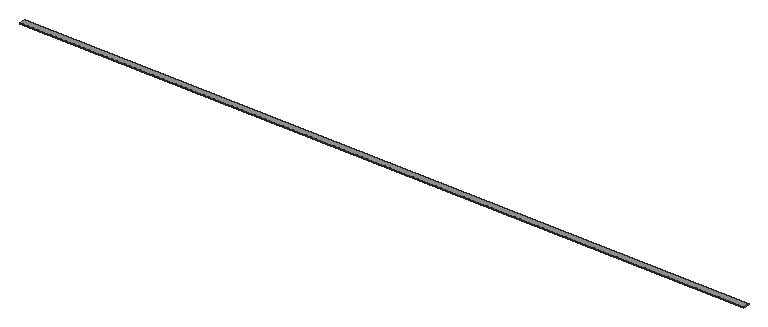
Revit family "MINIMAL_2000MM", category Lighting Fixtures, host Ceiling, Revit 2021
Family settings
  Host = Ceiling
  Round Connector Dimension = Use Diameter
  Part Type = Normal
  OmniClass Number = 23.80.70.11
  OmniClass Title = Luminaries for Internal Lighting
  Always vertical = Yes
  Cut with Voids When Loaded = No
  Light Source = Yes
  Shared = No
  Room Calculation Point = No
Parameters
  Wattage = 16.1571 W
  built-in parameter 1150110 = 1 (stored number, unit not read)
  Type de lampe = "Ruban LED"
  Type = "Barette aluminium"
  built-in parameter 1114217 = 1 (stored number, unit not read)
  built-in parameter 1150109 = 1 (stored number, unit not read)
  built-in parameter 1150134 = (empty or 0)
  built-in parameter 1150113 = 1 (stored number, unit not read)
  Matériau = "Aluminium"
  Lumens = 2400 lm
  built-in parameter 1150115 = 1 (stored number, unit not read)
  built-in parameter 1150105 = 763.94 (stored number, unit not read)
  Light Source Symbol Size = 609.60 mm
  built-in parameter 1150137 = (empty or 0)
  built-in parameter 1150139 = (empty or 0)
  built-in parameter 1150112 = 1 (stored number, unit not read)
  built-in parameter 1150114 = 1 (stored number, unit not read)
  built-in parameter 1150132 = 2
  built-in parameter 1150102 = (empty or 0)
  built-in parameter 1150138 = (empty or 0)
  built-in parameter 1150107 = 3000 (stored number, unit not read)
  built-in parameter 1150106 = 7.6394 (stored number, unit not read)
  Fintion = "Gris aluminium"
  Emit from Line Length = 609.60 mm
  built-in parameter 1150104 = 13.8 (stored number, unit not read)
  Driver = "Driver externe"
  Dimming Lamp Color Temperature Shift = <None>
  Dimensions = "15x3 mm, L : 2000 mm"
  Default Elevation = 0.00 mm
  Color Filter = 16777215
  built-in parameter 1114218 = 1 (stored number, unit not read)
  built-in parameter 1150133 = 10 (stored number, unit not read)
Reference planes
  plane 1 "Light Source Axis (F/B)": y = 0
  plane 2 "Ceiling": z = 2438.4
  plane 3 "Light Source Axis (L/R)": x = 0
  plane 4 "Light Source Elevation": z = 2423.22
Forms (mm)
  Extrusion 1, solid, material "Glass, White, High Luminance"
    sketch origin (0, 0, 2423.22) x (0, -1, 0) y (1, 0, 0)
      loop
        line (-7.5, -1000) -> (7.5, -1000) -> (7.5, 1000) -> (-7.5, 1000) -> (-7.5, -1000)
    from 15.18 to 12.18
Lines and regions (mm)
  reference lines
    curve 1: line (0, 0, 2438.4) -> (0, 0, 2435.4)
    curve 2: line (0, 0, 2423.22) -> (0, -7.5, 2423.22)
    curve 3: line (0, 0, 2423.22) -> (0, 7.5, 2423.22)
    curve 4: line (0, 0, 2423.22) -> (1000, 0, 2423.22)
    curve 5: line (0, 0, 2423.22) -> (-1000, 0, 2423.22)
Dimensions and locks
  equal spacing: host sketch curve, plane 3 "Light Source Axis (L/R)", host sketch curve
  equal spacing: host sketch curve, plane 1 "Light Source Axis (F/B)", host sketch curve
  host sketch curve to host sketch curve = 3048.00 mm  (x2)
  aligned and locked: plane 1 "Light Source Axis (F/B)" to imposter light
  aligned and locked: plane 4 "Light Source Elevation" to imposter light
